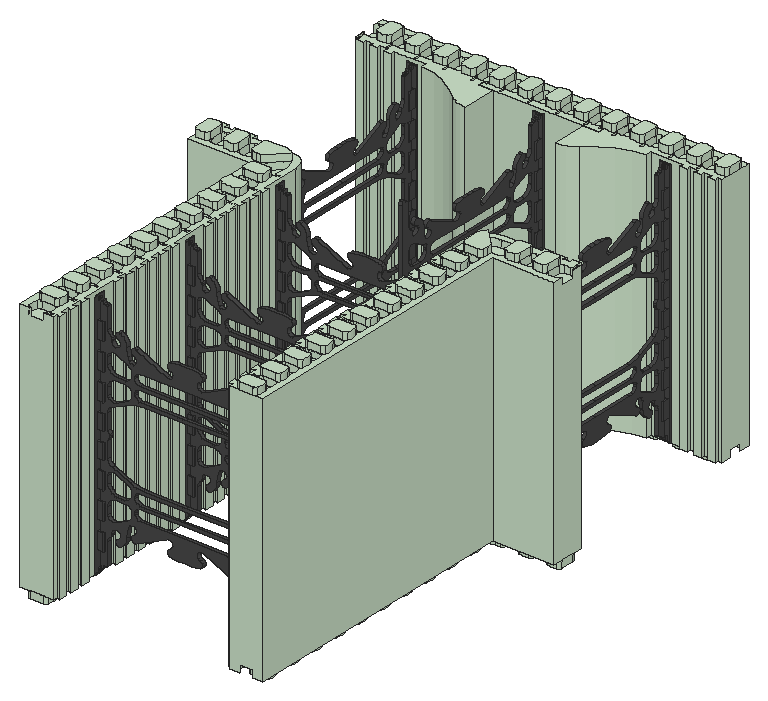
Revit family (continued)
Definition of nested family "NUDURA Logo Diamond"
  Lines and regions (mm)
    model lines
      curve 134: line (305.373, 0, 292.436) -> (311.298, 0, 289.015)
      curve 135: line (310.447, 0, 295.365) -> (305.373, 0, 292.436)
      curve 136: line (299.874, 0, 307.82) -> (310.447, 0, 301.715)
      curve 137: line (310.447, 0, 301.715) -> (310.447, 0, 295.365)
      curve 138: line (305.798, 0, 311.24) -> (299.874, 0, 307.82)
      curve 139: line (299.023, 0, 295.611) -> (304.097, 0, 298.54)
      curve 140: line (304.097, 0, 298.54) -> (298.172, 0, 301.961)
      curve 141: line (298.172, 0, 301.961) -> (292.673, 0, 298.786)
      curve 142: line (292.673, 0, 298.786) -> (292.673, 0, 286.086)
      curve 143: line (299.023, 0, 289.261) -> (299.023, 0, 295.611)
      curve 144: line (309.596, 0, 283.156) -> (299.023, 0, 289.261)
      curve 145: line (303.671, 0, 279.736) -> (309.596, 0, 283.156)
      curve 146: line (292.673, 0, 286.086) -> (303.671, 0, 279.736)
      curve 147: line (312.702, 0, 269.344) -> (296.768, 0, 272.912)
      curve 148: line (296.768, 0, 272.912) -> (296.768, 0, 267.036)
      curve 149: line (296.768, 0, 267.036) -> (308.089, 0, 264.517)
      curve 150: line (308.089, 0, 264.517) -> (296.768, 0, 260.949)
      curve 151: line (296.768, 0, 260.949) -> (296.768, 0, 251.084)
      curve 152: line (296.768, 0, 251.084) -> (309.138, 0, 248.314)
      curve 153: line (309.138, 0, 248.314) -> (309.138, 0, 247.516)
      curve 154: line (309.138, 0, 247.516) -> (301.281, 0, 248.991)
      curve 155: line (296.768, 0, 245.246) -> (296.768, 0, 237.71)
      curve 156: line (306.598, 0, 222.094) -> (306.598, 0, 228.599)
      curve 157: line (306.598, 0, 228.599) -> (296.768, 0, 230.786)
      curve 158: line (296.768, 0, 230.786) -> (296.768, 0, 215.343)
      curve 159: line (302.723, 0, 230.274) -> (312.702, 0, 228.039)
      curve 160: line (300.341, 0, 217.291) -> (300.341, 0, 223.486)
      curve 161: line (300.341, 0, 223.486) -> (306.598, 0, 222.094)
      curve 162: line (296.768, 0, 205.027) -> (296.768, 0, 197.49)
      curve 163: line (302.723, 0, 190.055) -> (310.162, 0, 188.389)
      curve 164: line (310.162, 0, 188.389) -> (310.162, 0, 176.633)
      curve 165: line (308.892, 0, 175.363) -> (307.868, 0, 175.363)
      curve 166: line (306.598, 0, 176.633) -> (306.598, 0, 180.004)
      curve 167: line (306.598, 0, 180.004) -> (307.868, 0, 179.719)
      curve 168: line (307.868, 0, 179.719) -> (307.868, 0, 186.3)
      curve 169: line (307.868, 0, 186.3) -> (296.768, 0, 188.785)
      curve 170: line (296.768, 0, 188.785) -> (296.768, 0, 182.205)
      curve 171: line (296.768, 0, 182.205) -> (304.058, 0, 180.572)
      curve 172: line (304.058, 0, 180.572) -> (304.058, 0, 177.654)
      curve 173: line (302.788, 0, 176.384) -> (296.768, 0, 176.384)
      curve 174: line (296.768, 0, 176.384) -> (296.768, 0, 164.003)
      curve 175: line (296.768, 0, 164.003) -> (299.284, 0, 162.219)
      curve 176: line (299.284, 0, 162.219) -> (299.284, 0, 153.715)
      curve 177: line (307.942, 0, 156.079) -> (301.824, 0, 160.418)
      curve 178: line (301.824, 0, 160.418) -> (301.824, 0, 154.409)
      curve 179: line (301.824, 0, 154.409) -> (307.942, 0, 156.079)
      curve 180: line (299.284, 0, 153.715) -> (296.768, 0, 153.028)
      curve 181: line (296.768, 0, 153.028) -> (296.768, 0, 146.14)
      curve 182: line (296.768, 0, 146.14) -> (312.702, 0, 150.491)
      curve 183: line (312.702, 0, 150.491) -> (312.702, 0, 159.713)
      curve 184: line (312.702, 0, 159.713) -> (298.767, 0, 169.594)
      curve 185: line (298.767, 0, 169.594) -> (302.342, 0, 169.594)
      curve 186: line (312.702, 0, 172.383) -> (312.702, 0, 193.945)
      curve 187: line (312.702, 0, 193.945) -> (302.326, 0, 196.268)
      curve 188: line (300.341, 0, 198.747) -> (300.341, 0, 201.381)
      curve 189: line (301.888, 0, 202.62) -> (312.702, 0, 200.199)
      curve 190: line (312.702, 0, 200.199) -> (312.702, 0, 206.628)
      curve 191: line (312.702, 0, 206.628) -> (306.843, 0, 207.728)
      curve 192: line (312.702, 0, 212.942) -> (312.702, 0, 227.241)
      curve 193: line (312.702, 0, 227.241) -> (309.138, 0, 228.034)
      curve 194: line (309.138, 0, 228.034) -> (309.138, 0, 217.291)
      curve 195: line (312.702, 0, 228.039) -> (312.702, 0, 234.164)
      curve 196: line (312.702, 0, 234.164) -> (302.326, 0, 236.488)
      curve 197: line (300.341, 0, 238.966) -> (300.341, 0, 241.6)
      curve 198: line (301.736, 0, 242.874) -> (312.702, 0, 240.418)
      curve 199: line (312.702, 0, 240.418) -> (312.702, 0, 253.611)
      curve 200: line (312.702, 0, 253.611) -> (302.429, 0, 255.912)
      curve 201: line (302.429, 0, 255.912) -> (312.702, 0, 259.27)
      curve 202: line (312.702, 0, 259.27) -> (312.702, 0, 269.344)
      curve 203: arc (296.768, 0, 245.246) -> (298.145, 0, 248.178) -> (301.281, 0, 248.991) r 3.81
      curve 204: arc (296.768, 0, 237.71) -> (298.44, 0, 232.946) -> (302.723, 0, 230.274) r 7.62
      curve 205: arc (300.842, 0, 208.826) -> (297.87, 0, 211.5) -> (296.768, 0, 215.343) r 7.251
      curve 206: arc (296.768, 0, 205.027) -> (297.979, 0, 207.812) -> (300.842, 0, 208.826) r 3.808
      curve 207: arc (296.768, 0, 197.49) -> (298.44, 0, 192.727) -> (302.723, 0, 190.055) r 7.62
      curve 208: arc (300.341, 0, 198.747) -> (300.898, 0, 197.159) -> (302.326, 0, 196.268) r 2.54
      curve 209: arc (300.341, 0, 201.381) -> (300.817, 0, 202.372) -> (301.888, 0, 202.62) r 1.27
      curve 210: arc (307.868, 0, 175.363) -> (306.969, 0, 175.735) -> (306.598, 0, 176.633) r 1.27
      curve 211: arc (308.892, 0, 175.363) -> (309.79, 0, 175.735) -> (310.162, 0, 176.633) r 1.27
      curve 212: arc (304.058, 0, 177.654) -> (303.686, 0, 176.756) -> (302.788, 0, 176.384) r 1.27
      curve 213: arc (302.342, 0, 169.594) -> (303.976, 0, 170.198) -> (304.826, 0, 171.718) r 2.516
      curve 214: arc (304.826, 0, 171.718) -> (309.07, 0, 168.432) -> (312.702, 0, 172.383) r 3.966
      curve 215: arc (306.843, 0, 207.728) -> (310.942, 0, 209.02) -> (312.702, 0, 212.942) r 5.249
      curve 216: arc (300.341, 0, 217.291) -> (304.739, 0, 212.893) -> (309.138, 0, 217.291) r 4.398
      curve 217: arc (300.341, 0, 238.966) -> (300.898, 0, 237.378) -> (302.326, 0, 236.488) r 2.54
      curve 218: arc (300.341, 0, 241.6) -> (300.886, 0, 242.648) -> (302.057, 0, 242.802) r 1.279
      curve 219: arc (285.685, 0, 308.065) -> (288.475, 0, 314.8) -> (295.21, 0, 317.59) r 9.525
      curve 220: arc (314.26, 0, 317.59) -> (320.995, 0, 314.8) -> (323.785, 0, 308.065) r 9.525
      curve 221: arc (285.685, 0, 149.315) -> (288.475, 0, 142.58) -> (295.21, 0, 139.79) r 9.525
      curve 222: arc (314.26, 0, 139.79) -> (320.995, 0, 142.58) -> (323.785, 0, 149.315) r 9.525
      curve 223: line (253.935, 0, 457.2) -> (253.935, 0, 0)
      curve 224: line (355.535, 0, 457.2) -> (355.535, 0, 0)
      curve 225: line (406.335, 0, 457.2) -> (406.335, 0, 0)
Definition of nested family "NUDURA Diamond Pattern Missing Two Lines"
  Reference planes
    plane 1 "Center (Front/Back)": y = 0
    plane 2: z = 0
    plane 3 "Center (Left/Right)": x = 0
    plane 4: z = 457.2
  Lines and regions (mm)
    model lines
      curve 1: line (50.8, -142.875, 457.2) -> (50.8, -142.875, 0)
      curve 2: line (85.183, -142.875, 431.415) -> (93.906, -142.875, 422.692)
      curve 3: arc (85.183, -142.875, 444.885) -> (82.394, -142.875, 438.15) -> (85.183, -142.875, 431.415) r 9.525
      curve 4: line (94.708, -142.875, 454.41) -> (85.183, -142.875, 444.885)
      curve 5: arc (108.179, -142.875, 454.41) -> (101.444, -142.875, 457.2) -> (94.708, -142.875, 454.41) r 9.525
      curve 6: line (117.704, -142.875, 444.885) -> (108.179, -142.875, 454.41)
      curve 7: arc (117.704, -142.875, 431.415) -> (120.494, -142.875, 438.15) -> (117.704, -142.875, 444.885) r 9.525
      curve 8: line (108.981, -142.875, 422.692) -> (117.704, -142.875, 431.415)
      curve 9: arc (105.934, -142.875, 452.165) -> (101.444, -142.875, 454.025) -> (96.953, -142.875, 452.165) r 6.35
      curve 10: line (115.459, -142.875, 442.64) -> (105.934, -142.875, 452.165)
      curve 11: arc (115.459, -142.875, 433.66) -> (117.319, -142.875, 438.15) -> (115.459, -142.875, 442.64) r 6.35
      curve 12: line (105.934, -142.875, 424.135) -> (115.459, -142.875, 433.66)
      curve 13: arc (96.953, -142.875, 424.135) -> (101.444, -142.875, 422.275) -> (105.934, -142.875, 424.135) r 6.35
      curve 14: line (87.428, -142.875, 433.66) -> (96.953, -142.875, 424.135)
      curve 15: arc (87.428, -142.875, 442.64) -> (85.569, -142.875, 438.15) -> (87.428, -142.875, 433.66) r 6.35
      curve 16: line (96.953, -142.875, 452.165) -> (87.428, -142.875, 442.64)
      curve 17: arc (93.906, -142.875, 415.508) -> (95.394, -142.875, 419.1) -> (93.906, -142.875, 422.692) r 5.08
      curve 18: line (117.704, -142.875, 406.785) -> (108.981, -142.875, 415.508)
      curve 19: arc (117.704, -142.875, 393.315) -> (120.494, -142.875, 400.05) -> (117.704, -142.875, 406.785) r 9.525
      curve 20: line (108.981, -142.875, 384.592) -> (117.704, -142.875, 393.315)
      curve 21: line (85.183, -142.875, 393.315) -> (93.906, -142.875, 384.592)
      curve 22: arc (85.183, -142.875, 406.785) -> (82.394, -142.875, 400.05) -> (85.183, -142.875, 393.315) r 9.525
      curve 23: line (93.906, -142.875, 415.508) -> (85.183, -142.875, 406.785)
      curve 24: arc (105.934, -142.875, 414.065) -> (101.444, -142.875, 415.925) -> (96.953, -142.875, 414.065) r 6.35
      curve 25: line (96.953, -142.875, 414.065) -> (87.428, -142.875, 404.54)
      curve 26: arc (87.428, -142.875, 404.54) -> (85.569, -142.875, 400.05) -> (87.428, -142.875, 395.56) r 6.35
      curve 27: line (87.428, -142.875, 395.56) -> (96.953, -142.875, 386.035)
      curve 28: arc (96.953, -142.875, 386.035) -> (101.444, -142.875, 384.175) -> (105.934, -142.875, 386.035) r 6.35
      curve 29: line (105.934, -142.875, 386.035) -> (115.459, -142.875, 395.56)
      curve 30: arc (115.459, -142.875, 395.56) -> (117.319, -142.875, 400.05) -> (115.459, -142.875, 404.54) r 6.35
      curve 31: line (115.459, -142.875, 404.54) -> (105.934, -142.875, 414.065)
      curve 32: arc (93.906, -142.875, 377.408) -> (95.394, -142.875, 381) -> (93.906, -142.875, 384.592) r 5.08
      curve 33: line (117.704, -142.875, 368.685) -> (108.981, -142.875, 377.408)
      curve 34: arc (117.704, -142.875, 355.215) -> (120.494, -142.875, 361.95) -> (117.704, -142.875, 368.685) r 9.525
      curve 35: line (108.981, -142.875, 346.492) -> (117.704, -142.875, 355.215)
      curve 36: line (85.183, -142.875, 355.215) -> (93.906, -142.875, 346.492)
      curve 37: arc (85.183, -142.875, 368.685) -> (82.394, -142.875, 361.95) -> (85.183, -142.875, 355.215) r 9.525
      curve 38: line (93.906, -142.875, 377.408) -> (85.183, -142.875, 368.685)
      curve 39: arc (105.934, -142.875, 375.965) -> (101.444, -142.875, 377.825) -> (96.953, -142.875, 375.965) r 6.35
      curve 40: line (96.953, -142.875, 375.965) -> (87.428, -142.875, 366.44)
      curve 41: arc (87.428, -142.875, 366.44) -> (85.569, -142.875, 361.95) -> (87.428, -142.875, 357.46) r 6.35
      curve 42: line (87.428, -142.875, 357.46) -> (96.953, -142.875, 347.935)
      curve 43: arc (96.953, -142.875, 347.935) -> (101.444, -142.875, 346.075) -> (105.934, -142.875, 347.935) r 6.35
      curve 44: line (105.934, -142.875, 347.935) -> (115.459, -142.875, 357.46)
      curve 45: arc (115.459, -142.875, 357.46) -> (117.319, -142.875, 361.95) -> (115.459, -142.875, 366.44) r 6.35
      curve 46: line (115.459, -142.875, 366.44) -> (105.934, -142.875, 375.965)
      curve 47: arc (93.906, -142.875, 339.308) -> (95.394, -142.875, 342.9) -> (93.906, -142.875, 346.492) r 5.08
      curve 48: line (117.704, -142.875, 330.585) -> (108.981, -142.875, 339.308)
      curve 49: arc (117.704, -142.875, 317.115) -> (120.494, -142.875, 323.85) -> (117.704, -142.875, 330.585) r 9.525
      curve 50: line (108.981, -142.875, 308.392) -> (117.704, -142.875, 317.115)
      curve 51: line (85.183, -142.875, 317.115) -> (93.906, -142.875, 308.392)
      curve 52: arc (85.183, -142.875, 330.585) -> (82.394, -142.875, 323.85) -> (85.183, -142.875, 317.115) r 9.525
      curve 53: line (93.906, -142.875, 339.308) -> (85.183, -142.875, 330.585)
      curve 54: arc (105.934, -142.875, 337.865) -> (101.444, -142.875, 339.725) -> (96.953, -142.875, 337.865) r 6.35
      curve 55: line (96.953, -142.875, 337.865) -> (87.428, -142.875, 328.34)
      curve 56: arc (87.428, -142.875, 328.34) -> (85.569, -142.875, 323.85) -> (87.428, -142.875, 319.36) r 6.35
      curve 57: line (87.428, -142.875, 319.36) -> (96.953, -142.875, 309.835)
      curve 58: arc (96.953, -142.875, 309.835) -> (101.444, -142.875, 307.975) -> (105.934, -142.875, 309.835) r 6.35
      curve 59: line (105.934, -142.875, 309.835) -> (115.459, -142.875, 319.36)
      curve 60: arc (115.459, -142.875, 319.36) -> (117.319, -142.875, 323.85) -> (115.459, -142.875, 328.34) r 6.35
      curve 61: line (115.459, -142.875, 328.34) -> (105.934, -142.875, 337.865)
      curve 62: arc (93.906, -142.875, 301.208) -> (95.394, -142.875, 304.8) -> (93.906, -142.875, 308.392) r 5.08
      curve 63: line (117.704, -142.875, 292.485) -> (108.981, -142.875, 301.208)
      curve 64: arc (117.704, -142.875, 279.015) -> (120.494, -142.875, 285.75) -> (117.704, -142.875, 292.485) r 9.525
      curve 65: line (108.981, -142.875, 270.292) -> (117.704, -142.875, 279.015)
      curve 66: line (85.183, -142.875, 279.015) -> (93.906, -142.875, 270.292)
      curve 67: arc (85.183, -142.875, 292.485) -> (82.394, -142.875, 285.75) -> (85.183, -142.875, 279.015) r 9.525
      curve 68: line (93.906, -142.875, 301.208) -> (85.183, -142.875, 292.485)
      curve 69: arc (105.934, -142.875, 299.765) -> (101.444, -142.875, 301.625) -> (96.953, -142.875, 299.765) r 6.35
      curve 70: line (96.953, -142.875, 299.765) -> (87.428, -142.875, 290.24)
      curve 71: arc (87.428, -142.875, 290.24) -> (85.569, -142.875, 285.75) -> (87.428, -142.875, 281.26) r 6.35
      curve 72: line (87.428, -142.875, 281.26) -> (96.953, -142.875, 271.735)
      curve 73: arc (96.953, -142.875, 271.735) -> (101.444, -142.875, 269.875) -> (105.934, -142.875, 271.735) r 6.35
      curve 74: line (105.934, -142.875, 271.735) -> (115.459, -142.875, 281.26)
      curve 75: arc (115.459, -142.875, 281.26) -> (117.319, -142.875, 285.75) -> (115.459, -142.875, 290.24) r 6.35
      curve 76: line (115.459, -142.875, 290.24) -> (105.934, -142.875, 299.765)
      curve 77: arc (93.906, -142.875, 263.108) -> (95.394, -142.875, 266.7) -> (93.906, -142.875, 270.292) r 5.08
      curve 78: line (117.704, -142.875, 254.385) -> (108.981, -142.875, 263.108)
      curve 79: arc (117.704, -142.875, 240.915) -> (120.494, -142.875, 247.65) -> (117.704, -142.875, 254.385) r 9.525
      curve 80: line (108.981, -142.875, 232.192) -> (117.704, -142.875, 240.915)
      curve 81: line (85.183, -142.875, 240.915) -> (93.906, -142.875, 232.192)
      curve 82: arc (85.183, -142.875, 254.385) -> (82.394, -142.875, 247.65) -> (85.183, -142.875, 240.915) r 9.525
      curve 83: line (93.906, -142.875, 263.108) -> (85.183, -142.875, 254.385)
      curve 84: arc (105.934, -142.875, 261.665) -> (101.444, -142.875, 263.525) -> (96.953, -142.875, 261.665) r 6.35
      curve 85: line (96.953, -142.875, 261.665) -> (87.428, -142.875, 252.14)
      curve 86: arc (87.428, -142.875, 252.14) -> (85.569, -142.875, 247.65) -> (87.428, -142.875, 243.16) r 6.35
      curve 87: line (87.428, -142.875, 243.16) -> (96.953, -142.875, 233.635)
      curve 88: arc (96.953, -142.875, 233.635) -> (101.444, -142.875, 231.775) -> (105.934, -142.875, 233.635) r 6.35
      curve 89: line (105.934, -142.875, 233.635) -> (115.459, -142.875, 243.16)
      curve 90: arc (115.459, -142.875, 243.16) -> (117.319, -142.875, 247.65) -> (115.459, -142.875, 252.14) r 6.35
      curve 91: line (115.459, -142.875, 252.14) -> (105.934, -142.875, 261.665)
      curve 92: arc (93.906, -142.875, 225.008) -> (95.394, -142.875, 228.6) -> (93.906, -142.875, 232.192) r 5.08
      curve 93: line (117.704, -142.875, 216.285) -> (108.981, -142.875, 225.008)
      curve 94: arc (117.704, -142.875, 202.815) -> (120.494, -142.875, 209.55) -> (117.704, -142.875, 216.285) r 9.525
      curve 95: line (108.981, -142.875, 194.092) -> (117.704, -142.875, 202.815)
      curve 96: line (85.183, -142.875, 202.815) -> (93.906, -142.875, 194.092)
      curve 97: arc (85.183, -142.875, 216.285) -> (82.394, -142.875, 209.55) -> (85.183, -142.875, 202.815) r 9.525
      curve 98: line (93.906, -142.875, 225.008) -> (85.183, -142.875, 216.285)
      curve 99: arc (105.934, -142.875, 223.565) -> (101.444, -142.875, 225.425) -> (96.953, -142.875, 223.565) r 6.35
      curve 100: line (96.953, -142.875, 223.565) -> (87.428, -142.875, 214.04)
      curve 101: arc (87.428, -142.875, 214.04) -> (85.569, -142.875, 209.55) -> (87.428, -142.875, 205.06) r 6.35
      curve 102: line (87.428, -142.875, 205.06) -> (96.953, -142.875, 195.535)
      curve 103: arc (96.953, -142.875, 195.535) -> (101.444, -142.875, 193.675) -> (105.934, -142.875, 195.535) r 6.35
      curve 104: line (105.934, -142.875, 195.535) -> (115.459, -142.875, 205.06)
      curve 105: arc (115.459, -142.875, 205.06) -> (117.319, -142.875, 209.55) -> (115.459, -142.875, 214.04) r 6.35
      curve 106: line (115.459, -142.875, 214.04) -> (105.934, -142.875, 223.565)
      curve 107: arc (93.906, -142.875, 186.908) -> (95.394, -142.875, 190.5) -> (93.906, -142.875, 194.092) r 5.08
      curve 108: line (117.704, -142.875, 178.185) -> (108.981, -142.875, 186.908)
      curve 109: arc (117.704, -142.875, 164.715) -> (120.494, -142.875, 171.45) -> (117.704, -142.875, 178.185) r 9.525
      curve 110: line (108.981, -142.875, 155.992) -> (117.704, -142.875, 164.715)
      curve 111: line (85.183, -142.875, 164.715) -> (93.906, -142.875, 155.992)
      curve 112: arc (85.183, -142.875, 178.185) -> (82.394, -142.875, 171.45) -> (85.183, -142.875, 164.715) r 9.525
      curve 113: line (93.906, -142.875, 186.908) -> (85.183, -142.875, 178.185)
      curve 114: arc (105.934, -142.875, 185.465) -> (101.444, -142.875, 187.325) -> (96.953, -142.875, 185.465) r 6.35
      curve 115: line (96.953, -142.875, 185.465) -> (87.428, -142.875, 175.94)
      curve 116: arc (87.428, -142.875, 175.94) -> (85.569, -142.875, 171.45) -> (87.428, -142.875, 166.96) r 6.35
      curve 117: line (87.428, -142.875, 166.96) -> (96.953, -142.875, 157.435)
      curve 118: arc (96.953, -142.875, 157.435) -> (101.444, -142.875, 155.575) -> (105.934, -142.875, 157.435) r 6.35
      curve 119: line (105.934, -142.875, 157.435) -> (115.459, -142.875, 166.96)
      curve 120: arc (115.459, -142.875, 166.96) -> (117.319, -142.875, 171.45) -> (115.459, -142.875, 175.94) r 6.35
      curve 121: line (115.459, -142.875, 175.94) -> (105.934, -142.875, 185.465)
      curve 122: arc (93.906, -142.875, 148.808) -> (95.394, -142.875, 152.4) -> (93.906, -142.875, 155.992) r 5.08
      curve 123: line (117.704, -142.875, 140.085) -> (108.981, -142.875, 148.808)
      curve 124: arc (117.704, -142.875, 126.615) -> (120.494, -142.875, 133.35) -> (117.704, -142.875, 140.085) r 9.525
      curve 125: line (108.981, -142.875, 117.892) -> (117.704, -142.875, 126.615)
      curve 126: line (85.183, -142.875, 126.615) -> (93.906, -142.875, 117.892)
      curve 127: arc (85.183, -142.875, 140.085) -> (82.394, -142.875, 133.35) -> (85.183, -142.875, 126.615) r 9.525
      curve 128: line (93.906, -142.875, 148.808) -> (85.183, -142.875, 140.085)
      curve 129: arc (105.934, -142.875, 147.365) -> (101.444, -142.875, 149.225) -> (96.953, -142.875, 147.365) r 6.35
      curve 130: line (96.953, -142.875, 147.365) -> (87.428, -142.875, 137.84)
      curve 131: arc (87.428, -142.875, 137.84) -> (85.569, -142.875, 133.35) -> (87.428, -142.875, 128.86) r 6.35
      curve 132: line (87.428, -142.875, 128.86) -> (96.953, -142.875, 119.335)
      curve 133: arc (96.953, -142.875, 119.335) -> (101.444, -142.875, 117.475) -> (105.934, -142.875, 119.335) r 6.35
      curve 134: line (105.934, -142.875, 119.335) -> (115.459, -142.875, 128.86)
      curve 135: arc (115.459, -142.875, 128.86) -> (117.319, -142.875, 133.35) -> (115.459, -142.875, 137.84) r 6.35
      curve 136: line (115.459, -142.875, 137.84) -> (105.934, -142.875, 147.365)
      curve 137: arc (93.906, -142.875, 110.708) -> (95.394, -142.875, 114.3) -> (93.906, -142.875, 117.892) r 5.08
      curve 138: line (117.704, -142.875, 101.985) -> (108.981, -142.875, 110.708)
      curve 139: arc (117.704, -142.875, 88.515) -> (120.494, -142.875, 95.25) -> (117.704, -142.875, 101.985) r 9.525
      curve 140: line (108.981, -142.875, 79.792) -> (117.704, -142.875, 88.515)
      curve 141: line (85.183, -142.875, 88.515) -> (93.906, -142.875, 79.792)
      curve 142: arc (85.183, -142.875, 101.985) -> (82.394, -142.875, 95.25) -> (85.183, -142.875, 88.515) r 9.525
      curve 143: line (93.906, -142.875, 110.708) -> (85.183, -142.875, 101.985)
      curve 144: arc (105.934, -142.875, 109.265) -> (101.444, -142.875, 111.125) -> (96.953, -142.875, 109.265) r 6.35
      curve 145: line (96.953, -142.875, 109.265) -> (87.428, -142.875, 99.74)
      curve 146: arc (87.428, -142.875, 99.74) -> (85.569, -142.875, 95.25) -> (87.428, -142.875, 90.76) r 6.35
      curve 147: line (87.428, -142.875, 90.76) -> (96.953, -142.875, 81.235)
      curve 148: arc (96.953, -142.875, 81.235) -> (101.444, -142.875, 79.375) -> (105.934, -142.875, 81.235) r 6.35
      curve 149: line (105.934, -142.875, 81.235) -> (115.459, -142.875, 90.76)
      curve 150: arc (115.459, -142.875, 90.76) -> (117.319, -142.875, 95.25) -> (115.459, -142.875, 99.74) r 6.35
      curve 151: line (115.459, -142.875, 99.74) -> (105.934, -142.875, 109.265)
      curve 152: arc (93.906, -142.875, 72.608) -> (95.394, -142.875, 76.2) -> (93.906, -142.875, 79.792) r 5.08
      curve 153: line (117.704, -142.875, 63.885) -> (108.981, -142.875, 72.608)
      curve 154: arc (117.704, -142.875, 50.415) -> (120.494, -142.875, 57.15) -> (117.704, -142.875, 63.885) r 9.525
      curve 155: line (108.981, -142.875, 41.692) -> (117.704, -142.875, 50.415)
      curve 156: line (85.183, -142.875, 50.415) -> (93.906, -142.875, 41.692)
      curve 157: arc (85.183, -142.875, 63.885) -> (82.394, -142.875, 57.15) -> (85.183, -142.875, 50.415) r 9.525
      curve 158: line (93.906, -142.875, 72.608) -> (85.183, -142.875, 63.885)
      curve 159: arc (105.934, -142.875, 71.165) -> (101.444, -142.875, 73.025) -> (96.953, -142.875, 71.165) r 6.35
      curve 160: line (96.953, -142.875, 71.165) -> (87.428, -142.875, 61.64)
      curve 161: arc (87.428, -142.875, 61.64) -> (85.569, -142.875, 57.15) -> (87.428, -142.875, 52.66) r 6.35
      curve 162: line (87.428, -142.875, 52.66) -> (96.953, -142.875, 43.135)
      curve 163: arc (96.953, -142.875, 43.135) -> (101.444, -142.875, 41.275) -> (105.934, -142.875, 43.135) r 6.35
      curve 164: line (105.934, -142.875, 43.135) -> (115.459, -142.875, 52.66)
      curve 165: arc (115.459, -142.875, 52.66) -> (117.319, -142.875, 57.15) -> (115.459, -142.875, 61.64) r 6.35
      curve 166: line (115.459, -142.875, 61.64) -> (105.934, -142.875, 71.165)
      curve 167: arc (93.906, -142.875, 34.508) -> (95.394, -142.875, 38.1) -> (93.906, -142.875, 41.692) r 5.08
      curve 168: line (93.906, -142.875, 34.508) -> (85.183, -142.875, 25.785)
      curve 169: arc (85.183, -142.875, 25.785) -> (82.394, -142.875, 19.05) -> (85.183, -142.875, 12.315) r 9.525
      curve 170: line (85.183, -142.875, 12.315) -> (94.708, -142.875, 2.79)
      curve 171: arc (94.708, -142.875, 2.79) -> (101.444, -142.875, 0) -> (108.179, -142.875, 2.79) r 9.525
      curve 172: line (108.179, -142.875, 2.79) -> (117.704, -142.875, 12.315)
      curve 173: arc (117.704, -142.875, 12.315) -> (120.494, -142.875, 19.05) -> (117.704, -142.875, 25.785) r 9.525
      curve 174: line (117.704, -142.875, 25.785) -> (108.981, -142.875, 34.508)
      curve 175: arc (108.981, -142.875, 41.692) -> (107.493, -142.875, 38.1) -> (108.981, -142.875, 34.508) r 5.08
      curve 176: arc (105.934, -142.875, 33.065) -> (101.444, -142.875, 34.925) -> (96.953, -142.875, 33.065) r 6.35
      curve 177: line (115.459, -142.875, 23.54) -> (105.934, -142.875, 33.065)
      curve 178: arc (115.459, -142.875, 14.56) -> (117.319, -142.875, 19.05) -> (115.459, -142.875, 23.54) r 6.35
      curve 179: line (105.934, -142.875, 5.035) -> (115.459, -142.875, 14.56)
      curve 180: arc (96.953, -142.875, 5.035) -> (101.444, -142.875, 3.175) -> (105.934, -142.875, 5.035) r 6.35
      curve 181: line (87.428, -142.875, 14.56) -> (96.953, -142.875, 5.035)
      curve 182: arc (87.428, -142.875, 23.54) -> (85.569, -142.875, 19.05) -> (87.428, -142.875, 14.56) r 6.35
      curve 183: line (96.953, -142.875, 33.065) -> (87.428, -142.875, 23.54)
      curve 184: arc (108.981, -142.875, 79.792) -> (107.493, -142.875, 76.2) -> (108.981, -142.875, 72.608) r 5.08
      curve 185: arc (108.981, -142.875, 117.892) -> (107.493, -142.875, 114.3) -> (108.981, -142.875, 110.708) r 5.08
      curve 186: arc (108.981, -142.875, 155.992) -> (107.493, -142.875, 152.4) -> (108.981, -142.875, 148.808) r 5.08
      curve 187: arc (108.981, -142.875, 194.092) -> (107.493, -142.875, 190.5) -> (108.981, -142.875, 186.908) r 5.08
      curve 188: arc (108.981, -142.875, 232.192) -> (107.493, -142.875, 228.6) -> (108.981, -142.875, 225.008) r 5.08
      curve 189: arc (108.981, -142.875, 270.292) -> (107.493, -142.875, 266.7) -> (108.981, -142.875, 263.108) r 5.08
      curve 190: arc (108.981, -142.875, 308.392) -> (107.493, -142.875, 304.8) -> (108.981, -142.875, 301.208) r 5.08
      curve 191: arc (108.981, -142.875, 346.492) -> (107.493, -142.875, 342.9) -> (108.981, -142.875, 339.308) r 5.08
      curve 192: arc (108.981, -142.875, 384.592) -> (107.493, -142.875, 381) -> (108.981, -142.875, 377.408) r 5.08
      curve 193: arc (108.981, -142.875, 422.692) -> (107.493, -142.875, 419.1) -> (108.981, -142.875, 415.508) r 5.08
